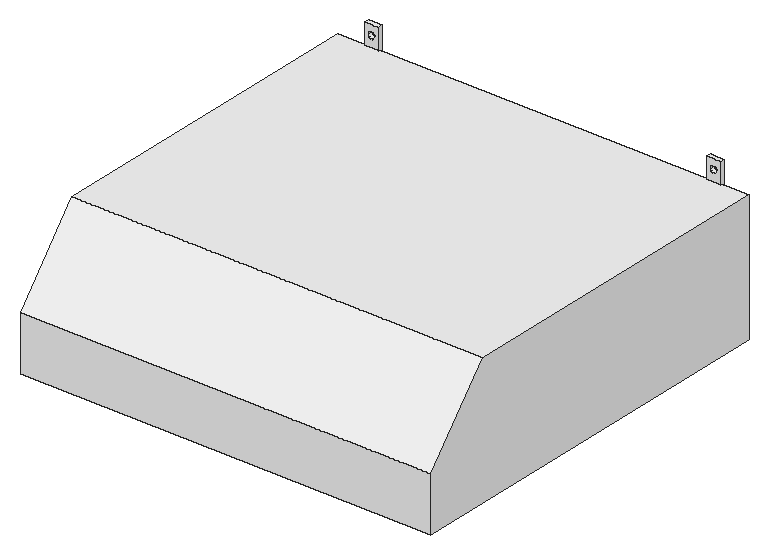
Revit family "v-36_375k7_50Hz - コピー", category 機械設備, Revit 2019
Family settings
  丸型コネクタ寸法 = 直径を使用
  パーツ タイプ = 標準
  OmniClass 番号 = 23.75.35.17.27
  OmniClass タイトル = Centrifugal Fans
  作業面ベース = いいえ
  常に垂直 = はい
  ロード時にボイドで切り取り = いいえ
  共有 = いいえ
  部屋計算ポイント = いいえ
Parameters (values of type "V-36K6-BL-L")
  騒音レベル(dB(A)) = 46.5
  風量 = 525.0 m³/h
  電源種別 [instance] = ""
  電圧 = 100 V
  電動機出力 = 0 W
  電動機_種別 = ""
  集中コントローラ = ""
  運転質量 = 0.00 kg
  連動 [instance] = ""
  質量 = if(製品質量 > 運転質量, 製品質量, 運転質量) * 1.2  # 18.00 kg
  負荷分類 = 3_ファン類
  説明 = "レンジフードファン 浅形 高静圧・丸排気タイプ"
  設計風量 = 0.0 m³/h
  設置方法 = "天吊"
  記号 [instance] = ""
  製造元 = "三菱電機株式会社"
  製品質量 = 15.00 kg
  製品出荷対象 = "国内"
  製品リリース年月 = "2022年6月1日"
  製品グループ = ""
  系統 [instance] = ""
  符号 = if(☑給気／□排気, "FS", "FE")  # "FE"
  積算_科目 = "2 換気設備"
  積算_拾い区分 [instance] = ""
  相 = 1
  盤記号 [instance] = ""
  発停方法 [instance] = ""
  特殊仕様 [instance] = ""
  火災停止 [instance] = ""
  消費電力 = 112 W
  法定耐用年数 = "15"
  機外静圧_排気 = 210.0 Pa
  機外静圧 = 0.0 Pa
  極数 = 2
  材質 [instance] = ""
  操作・制御方式 = ""
  操作・制御スイッチ = ""
  排気量 = 0.0 m³/h
  形式 = "片吸込形"
  幹線記号 [instance] = ""
  対象室 [instance] = ""
  実風量 = 0.0 m³/h
  始動方式 [instance] = "直入"
  天吊用穴_D = 300 mm
  天吊用穴_ピッチ = 520 mm
  外気量 = 0.0 m³/h
  呼称 = "遠心送風機"
  周波数 = 50 Hz
  取付金具_穴位置 = 16 mm
  取付金具_径 = 10 mm
  取付金具_ピッチ = 500 mm
  取付金具_H = 30 mm
  取付金具_Depth = 6 mm
  参照している仕様書等のバージョン = ""
  分類コード = "50052503100060"
  分類グループ = ""
  価格 = 87500
  企業コード = "108420"
  付属品_フィルター_還気 = ""
  付属品_フィルター = ""
  付属品 [instance] = ""
  仕様書バージョン = "Version1.0"
  モデル = "V-36K6-BL-L"
  マテリアル = 鋼板(白)
  ファンの種類 = ""
  ダクト径 = 150 mm
  コメント [instance] = ""
  Keynote = ""
  Assembly Code = ""
  ☑給気／□排気 = no
  Width = 600 mm
  W1 = Width / 2  # 300 mm
  Version = ""
  Uniclass2015Version = "Systems v1.9"
  Uniclass2015Title = "Centrifugal fans"
  Uniclass2015Code = "Pr_65_67_29_12"
  URL = "https://www.mitsubishielectric.co.jp/ldg/wink/ssl/displayProduct.do?pid=320846"
  SpecificationReference = ""
  SpecificationDescription = ""
  Revision = ""
  ProductInformation = ""
  OmniClassCode = "23-33 31 19 13 15"
  MIN風量 = 190.0 m³/h
  MIN静圧 = 0.0 Pa
  MID風量 = 320.0 m³/h
  MID静圧 = 0.0 Pa
  MAX風量 = 525.0 m³/h
  MAX静圧 = 0.0 Pa
  IfcTypeProduct = ""
  IfcProduct = ""
  IfcExportType = "CENTRIFUGALFORWARDCURVED"
  IfcExportAs = "IfcFanType"
  Height = 190 mm
  H1 = 110 mm
  EAサイズ_D = 148 mm
  Duct_Pitch = 350 mm
  Duct_Height = 54 mm
  Duct_D = 125 mm
  Depth = 580 mm
  D1 = 95 mm
  Clearance Top = 0 mm
  Clearance Right = 0 mm
  Clearance Left = 0 mm
  Clearance Front = 0 mm
  Clearance Bottom = 0 mm
  Clearance Back = 0 mm
  Author = "三菱電機株式会社"
Types (4, lengths in mm): name | 騒音レベル(dB(A)) | 質量 | 製品質量 | 消費電力 | 価格 | モデル | マテリアル | Width | W1 | URL | MIN風量 | MID風量
  V-36K6-BL-L | 46.5 | 18.00 kg | 15.00 kg | 112 W | 87500 | "V-36K6-BL-L" | 鋼板(白) | 600 | 300 | "https://www.mitsubishielectric.co.jp/ldg/wink/ssl/displayProduct.do?pid=320846" | 190.0 m³/h | 320.0 m³/h
  V-36K6-BL-L-BK | 46.5 | 18.00 kg | 15.00 kg | 112 W | 87500 | "V-36K6-BL-L-BK" | 鋼板(黒) | 600 | 300 | "https://www.mitsubishielectric.co.jp/ldg/wink/ssl/displayProduct.do?pid=320847" | 190.0 m³/h | 320.0 m³/h
  V-37KCP6-L | 47.5 | 19.20 kg | 16.00 kg | 102 W | 97400 | "V-37KCP6-L" | 鋼板(白) | 700 | 350 | "https://www.mitsubishielectric.co.jp/ldg/wink/ssl/displayProduct.do?pid=320852" | 200.0 m³/h | 330.0 m³/h
  V-37KCP6-L-BK | 47.5 | 19.20 kg | 16.00 kg | 102 W | 97400 | "V-37KCP6-L-BK" | 鋼板(黒) | 700 | 350 | "https://www.mitsubishielectric.co.jp/ldg/wink/ssl/displayProduct.do?pid=320853" | 200.0 m³/h | 330.0 m³/h
Reference planes
  plane 1 "中心(正面/背面)": y = 0
  plane 2: z = 0
  plane 3 "中心(左/右)": x = 0
  plane 4: x = -300
  plane 5: x = 300
  plane 6: y = -580
  plane 7: z = -190
  plane 8: z = -110
  plane 9: z = 54
  plane 10: y = -290
  plane 11: y = -485
  plane 12: x = -175
  plane 13: x = 175
  plane 14: y = -125
  plane 15: x = -260
  plane 16: x = 260
  plane 17: y = -300
  plane 18: x = -150
  plane 19: x = 150
  plane 20: z = 30
  plane 21: z = 16
  plane 22: x = -250
  plane 23: x = -260
  plane 24: x = -240
  plane 25: x = 250
  plane 26: x = 260
  plane 27: x = 240
  plane 28: y = 6
Forms (mm)
  Extrusion 1, solid, material "鋼板(白)" <- "マテリアル", detail levels fine
    sketch origin (0, 0, 0) x (1, 0, 0) y (0, 1, 0)
      loop
        line (-300, 0) -> (-300, -485) -> (300, -485) -> (300, 0) -> (-300, 0)
    from -190 to 0
  Blend 2, solid, material "鋼板(白)" <- "マテリアル", detail levels fine
    base sketch origin (0, 0, 0) x (1, 0, 0) y (0, 0, 1)
      loop
        line (-300, -190) -> (300, -190) -> (300, 0) -> (-300, 0) -> (-300, -190)
    top sketch origin (0, 0, 0) x (1, 0, 0) y (0, 0, 1)
      loop
        line (-300, -190) -> (300, -190) -> (300, -110) -> (-300, -110) -> (-300, -190)
    from 485 to 580
  Extrusion 3, solid, material "鋼板(白)" <- "マテリアル", not visible, detail levels fine
    sketch origin (0, 0, 0) x (1, 0, 0) y (0, 1, 0)
      loop
        circle (-175, -125) r 74
    from 0 to 54
  Extrusion 4, solid, material "鋼板(白)" <- "マテリアル"
    sketch origin (0, 0, 0) x (1, 0, 0) y (0, 0, 1)
      loop
        line (-260, 30) -> (-260, -190) -> (-240, -190) -> (-240, 30) -> (-260, 30)
      loop
        line (240, 30) -> (240, -190) -> (260, -190) -> (260, 30) -> (240, 30)
      loop
        circle (250, 16) r 5
      loop
        circle (-250, 16) r 5
    from -6 to 0
Cuts and joins
  joined: Extrusion 1, Blend 2
Lines and regions (mm)
  Masking region 1, detail levels coarse+medium
    outline origin (1326.5, 29, 0) x (1, 0, 0) y (0, 1, 0)
      loop
        line (-1626.5, -29) -> (-1626.5, -609) -> (-1026.5, -609) -> (-1026.5, -29) -> (-1626.5, -29)
  symbolic lines, detail levels coarse+medium
    curve 1: circle (-150, -290, 0) r 150 normal (0, 0, 1)
    curve 2: circle (150, -290, 0) r 150 normal (0, 0, 1)
Dimensions and locks
  equal spacing: plane 4, plane 3 "中心(左/右)", plane 5
  "Width": plane 4 to plane 5
  equal spacing: plane 6, plane 10, plane 1 "中心(正面/背面)"
  "Depth": plane 1 "中心(正面/背面)" to plane 6
  equal spacing: plane 12, plane 3 "中心(左/右)", plane 13
  "Duct_Pitch": plane 12 to plane 13
  "Duct_D": plane 1 "中心(正面/背面)" to plane 14
  "Height": level to plane 7
  "Duct_Height": plane 9 to level
  equal spacing: plane 15, plane 3 "中心(左/右)", plane 16
  "天吊用穴_ピッチ": plane 15 to plane 16
  "天吊用穴_D": plane 1 "中心(正面/背面)" to plane 17
  equal spacing: plane 4, plane 18, plane 3 "中心(左/右)"
  equal spacing: plane 3 "中心(左/右)", plane 19, plane 5
  "D1": plane 11 to plane 6
  "H1": level to plane 8
  "取付金具_H": plane 20 to level
  "取付金具_穴位置": plane 21 to level
  equal spacing: plane 24, plane 22, plane 23
  locked: plane 24 to plane 23 at 20
  equal spacing: plane 27, plane 25, plane 26
  locked: plane 27 to plane 26 at 20
  equal spacing: plane 25, plane 3 "中心(左/右)", plane 22
  "取付金具_ピッチ": plane 25 to plane 22
  "取付金具_Depth": plane 28 to plane 1 "中心(正面/背面)"
  "EAサイズ_D": diameter of Extrusion 3 sketch curve
  "W1": diameter of curve 1
  "W1": diameter of curve 2
  "取付金具_径": diameter of Extrusion 4 sketch curve  (x2)
  aligned and locked: level to plane 2
  aligned and locked: Masking region 1 to plane 4
  aligned and locked: plane 5 to Masking region 1
  aligned and locked: Masking region 1 to plane 6
  aligned and locked: Masking region 1 to plane 1 "中心(正面/背面)"
  aligned and locked: plane 1 "中心(正面/背面)" to Extrusion 1 sketch curve
  aligned and locked: plane 4 to Extrusion 1 sketch curve
  aligned and locked: plane 11 to Extrusion 1 sketch curve
  aligned and locked: Extrusion 1 sketch curve to plane 5
  aligned and locked: Blend 2 sketch curve to plane 7  (x2)
  aligned and locked: level to Blend 2 sketch curve
  aligned and locked: plane 5 to Blend 2 sketch curve
  aligned and locked: Blend 2 sketch curve to plane 4
  aligned and locked: var sketch to Blend 2 sketch curve
  aligned and locked: Extrusion 1 to plane 7
  aligned and locked: level to Extrusion 1
  aligned and locked: Blend 2 to plane 6
  aligned and locked: plane 11 to Blend 2
  aligned and locked: plane 9 to Extrusion 3
  aligned and locked: Extrusion 3 to level
  aligned and locked: plane 8 to Blend 2 sketch curve
  aligned and locked: nested 1 to plane 17
  aligned and locked: plane 15 to nested 1
  aligned and locked: plane 16 to nested 1
  aligned and locked: Extrusion 4 sketch curve to plane 20  (x2)
  aligned and locked: plane 23 to Extrusion 4 sketch curve
  aligned and locked: plane 24 to Extrusion 4 sketch curve
  aligned and locked: plane 7 to Extrusion 4 sketch curve  (x2)
  aligned and locked: plane 27 to Extrusion 4 sketch curve
  aligned and locked: plane 26 to Extrusion 4 sketch curve
  aligned and locked: plane 28 to Extrusion 4
  aligned and locked: plane 1 "中心(正面/背面)" to Extrusion 4
Automatic sketch dimensions
  Extrusion 3 sketch curve to plane 12 = 0 mm
  Extrusion 3 sketch curve to plane 14 = 0 mm
  curve 1 to plane 10 = 0 mm
  curve 1 to plane 18 = 0 mm
  curve 2 to plane 10 = 0 mm
  curve 2 to plane 19 = 0 mm
  Masking region 1 sketch curve to plane 4 = 0 mm
  Masking region 1 sketch curve to plane 5 = 0 mm
  Masking region 1 sketch curve to plane 6 = 0 mm
  plane 1 "中心(正面/背面)" to Masking region 1 sketch curve = 0 mm
  Blend 2 sketch curve to plane 4 = 0 mm
  Extrusion 4 sketch curve to plane 21 = 0 mm  (x2)
  Extrusion 4 sketch curve to plane 22 = 0 mm
  plane 25 to Extrusion 4 sketch curve = 0 mm
Nested families
  nested 1: "固定点" at (-260, -300, 0), type "固定点"
    with W 520 mm, D 1000 mm
Connectors
  hvac at (-175, -125, 54), driven by "ダクト径", driven by "機外静圧", driven by "風量"
    settings: on Extrusion 3, index 2, duct flow 525.0 m³/h, flow factor 0, pres drop 0.0 Pa, loss coef 0, conn angle 0.00°, conn width 304.8 mm, conn height 304.8 mm, conn diameter 150 mm, duct sys type 3, conn prof type 0, flow config 0, flow direction 2, loss method 4, conn ref index -1, conn util no, is conn primary yes, conn desc ""
  electrical at (0, -242.5, 0), driven by "極数", driven by "負荷分類", driven by "電圧", driven by "消費電力"
    settings: on cut or joined group of Extrusion 1, Blend 2, index 3, voltage 100 V, apparent load 112 VA, apparent load phase1 0 VA, apparent load phase2 0 VA, apparent load phase3 0 VA, power factor 1, load classification "3_ファン類", number of poles 2, system type 30, power factor state 1, is connector primary yes, connector utility no, sub classification motor no, connector description ""
Definition of nested family "固定点"
  Parameters (values of type "固定点")
    中心円 = 20 mm
    W [instance] = 1000 mm
    D [instance] = 1000 mm
  Reference planes
    plane 1 "中心(正面/背面)": y = 0
    plane 2: z = 0
    plane 3 "中心(左/右)": x = 0
    plane 4: x = 1000
  Lines and regions (mm)
    symbolic lines, detail levels fine
      curve 1: circle (0, 0, 0) r 10 normal (0, 0, 1)
      curve 2: circle (1000, 0, 0) r 10 normal (0, 0, 1)
      curve 3: line (-200, 0, 0) -> (1200, 0, 0)
      curve 4: line (0, 200, 0) -> (0, -200, 0)
      curve 5: line (1000, 200, 0) -> (1000, -200, 0)
  Dimensions and locks
    "W": plane 3 "中心(左/右)" to plane 4
    "中心円": diameter of curve 1
    "中心円": diameter of curve 2
    aligned and locked: level to plane 2
    aligned and locked: plane 3 "中心(左/右)" to curve 1
    aligned and locked: plane 1 "中心(正面/背面)" to curve 1
    aligned and locked: plane 1 "中心(正面/背面)" to curve 2
    aligned and locked: plane 4 to curve 2
    aligned and locked: plane 1 "中心(正面/背面)" to curve 3
    aligned and locked: curve 4 to plane 3 "中心(左/右)"
    aligned and locked: curve 5 to plane 4
  Automatic sketch dimensions
    curve 3 to plane 3 "中心(左/右)" = 200 mm
    curve 2 to curve 3 = 200 mm
    plane 1 "中心(正面/背面)" to curve 4 = 200 mm
    plane 1 "中心(正面/背面)" to curve 5 = 200 mm
    curve 5 to plane 1 "中心(正面/背面)" = 200 mm
    curve 4 to plane 1 "中心(正面/背面)" = 200 mm
